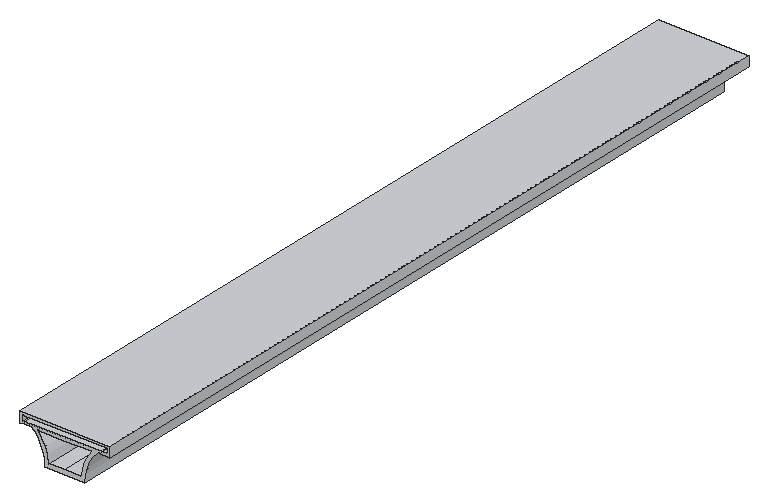
Revit family "Bridge_Girder", category Generic Models, Revit 2020
Family settings
  Can host rebar = No
  Round Connector Dimension = Use Diameter
  Part Type = Normal
  Work Plane-Based = No
  Always vertical = Yes
  Cut with Voids When Loaded = No
  Shared = No
  Room Calculation Point = No
Parameters
  Visible_Bearings = yes
  URL = "https://en.wikipedia.org/wiki/Girder_bridge"
  Top_Width = 9 m
  Top_Lighting = yes
  Structural_Frame_Brand = "Kloostermann"
  Slope = 1 (stored number, unit not read)
  Replaceable_bearings = yes
  Reliability_Class = "CC3"
  Railings_Present = yes
  Model = "New Phase"
  Material_Type = "Ready_Mix_Concrete"
  Manufacturer = "Royal HaskoningDHV - TU Delft"
  Load_Capacity = 400
  Length = 80 m
  Keynote = ""
  Girder_Thickness = 4.1 m
  Future_Expansion_Feasibility = yes
  Flange_Length = 1.1 m
  Expansion_Joint = no
  Edge_Ridge_Presence = no
  Earthquake_Resistance = yes
  Durability_Class = "MX4"
  Design_Life = 100
  Description = "Girder of the proposed bridge"
  Deicing_Prevention = yes
  Default Elevation = 0 m
  Concrete_Grade = "M40"
  Chloride_Protection = yes
  Cable_Ducts = yes
  Bottom_Width = 4 m
  Bottom_Paint = no
  Bottom_Lighting = yes
  Beam_Visibility = yes
  Assembly Code = "VD003"
  Anti_Graffiti_Coating = yes
Reference planes (m)
  plane 1 "Center (Front/Back)": y = 0
  plane 2: z = 0
  plane 3 "Center (Left/Right)": x = 0
Forms (m)
  Extrusion 1, solid
    sketch origin (0, 0, 0) x (1, 0, 0) y (0, 0, 1)
      loop
        line (5.9, 0) -> (6.4, 0) -> (7.019791, 0)
        arc (7.019791, 0) -> (8.053846, -1.396863) -> (8.4, -3.1) r 4.011275
        line (8.4, -3.1) -> (10.4, -3.1) -> (12.4, -3.1)
        arc (12.4, -3.1) -> (12.746154, -1.396863) -> (13.780209, 0) r 4.011275
        line (13.780209, 0) -> (14.9, 0) -> (14.9, 1) -> (5.9, 1) -> (5.9, 0)
      loop
        line (10.4, -2.7) -> (12.011601, -2.7)
        arc (12.011601, -2.7) -> (12.363769, -1.272771) -> (13.16535, -0.040509) r 4.411275
        line (13.16535, -0.040509) -> (10.4, -0.040509) -> (7.63465, -0.040509)
        arc (7.63465, -0.040509) -> (8.436231, -1.272771) -> (8.788399, -2.7) r 4.411275
        line (8.788399, -2.7) -> (10.4, -2.7)
      loop
        line (6.15, 0.25) -> (6.4, 0.25) -> (14.4, 0.25) -> (14.65, 0.25) -> (14.65, 0.75) -> (6.15, 0.75) -> (6.15, 0.25)
    from -46.058559 to 33.793912
Dimensions and locks (m)
  aligned and locked: level to plane 2
